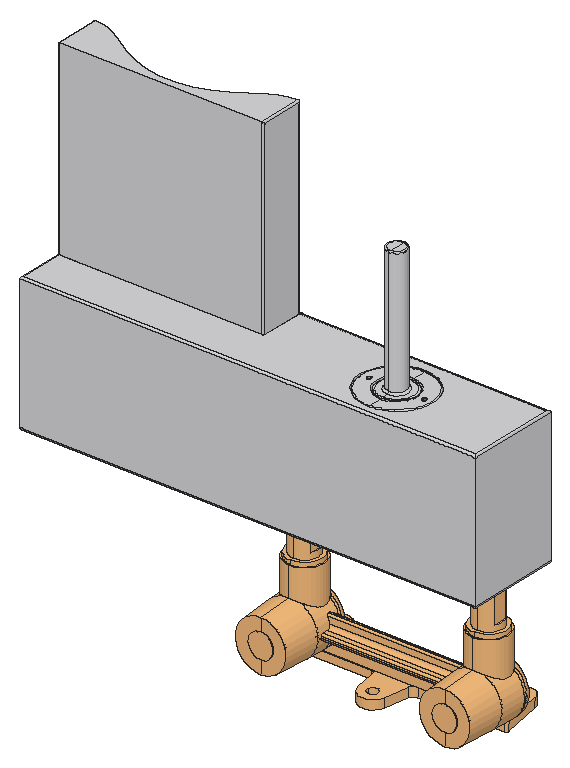
Revit family "Faucet-Wall_Mount-Lavatory-KOHLER-BEITOU-K-99876T", category Plumbing Fixtures, host Face, Revit 2017
Family settings
  Host = Face
  Round Connector Dimension = Use Diameter
  Part Type = Normal
  OmniClass Number = 23.31.11.00
  OmniClass Title = Faucets
  Cut with Voids When Loaded = No
  Shared = No
  Room Calculation Point = No
Parameters (values of type "CP- Polished Chrome")
  Width = 9 11/64"  # constant formula
  WaterSense Certified = 1 = 0  # no
  Waste Water Outlet = "Waste Water Outlet"  # constant formula
  Waste Connection = 1 = 0  # no
  Vent Connection = 1 = 0  # no
  URL = "http://www.kohler.com.cn/"
  Type = 1
  Spout Reach = 0"
  Product Page URL = "https://www.kohler.com.cn/product/K-99876T/K-99876T-4-CP/"
  Product Name = "BEITOU"  # constant formula
  Product Documentation Link = "https://files.kohler.com.cn/pdfs/1535448828194_99876T-4.pdf"
  Pressure = 45.00 psi  # constant formula
  Model = "K-99876T-4-CP"  # constant formula
  Material = "Premium Metal Construction"  # constant formula
  Master Format 2014 Name = "Residential Faucets, Supplies, and Trim"  # constant formula
  Master Format 2014 = "22 41 39"  # constant formula
  Manufacturer Address = "Kohler Beijing Office (100016) 36-2-03-B, No. 88, Liuxiang Road, Beijing"  # constant formula
  Manufacturer = "KOHLER Co."  # constant formula
  Length = 6 147/256"  # constant formula
  Hot Water Inlet = "Hot Water Inlet"  # constant formula
  Height = 1 223/256"  # constant formula
  Handle Clearance = 3 15/16"  # constant formula
  HW Connection = 1 = 1  # yes
  Flow Rate = 2.12 GPM  # constant formula
  Finish = Kohler-Metal-CP-Polished_Chrome
  Faucet Hole Spacing = 0"
  Environmental Product Declaration = ""
  Drain Included = 1 = 1  # yes
  Description = "Manda Single Handle Wall Outlet Basin Faucet"  # constant formula
  Default Elevation = 36"
  Declare Label = ""
  Date Modified = "10/27/2020"  # constant formula
  Date Created = "10/27/2020"  # constant formula
  Copyright = "Copyright KOHLER Co."  # constant formula
  Contact Us = "http://www.kohler.com.cn/contact/contact-us/"
  Cold Water Inlet = "Cold Water Inlet"  # constant formula
  CW Connection = 1 = 1  # yes
  Assembly Code = "D2010"
  ADA Compliant = 1 = 0  # no
Reference planes (in)
  plane 1 "Center (Front/Back)": y = 0
  plane 2: z = 0
  plane 3 "Center (Left/Right)": x = 0
  plane 4: y = -0.90551
  plane 5: x = -6.84904
  plane 6: x = -1.85039
  plane 7: x = 1.85039
  plane 8: y = 0.1378
  plane 9: z = 6.57422
  plane 10: z = 5.31496
  plane 11: z = 2.75591
  plane 12: z = -2.04724
  plane 13: y = 0.96558
  plane 14: z = -2.61809
  plane 15: z = 1.37746
  plane 16: x = 2.32283
Forms (in)
  Extrusion 1, void
    sketch origin (0, 0, 0) x (1, 0, 0) y (0, 0, 1)
      loop
        arc (-2.2509, -1.63022) -> (-2.42845, -2.03715) -> (-2.26547, -2.45013) r 0.57876
        line (-2.26547, -2.45013) -> (-2.26547, -2.61809) -> (2.26643, -2.61809) -> (2.26643, -2.45013)
        arc (2.26643, -2.45013) -> (2.42941, -2.03715) -> (2.25187, -1.63022) r 0.57876
        line (2.25187, -1.63022) -> (2.25187, -0.90549) -> (2.20662, -0.90549) -> (2.20662, 0.41674) -> (-2.20552, 0.41674) -> (-2.20552, -0.90549) -> (-2.2509, -0.90549) -> (-2.2509, -1.63022)
    from -0.9409 to 0.8889
Dimensions and locks (in)
  "Width": plane 5 to plane 16
  "Height": plane 13 to plane 4
  plane 3 "Center (Left/Right)" to plane 16 = 2.32283"
  plane 4 to plane 8 = 1.04331"
  "Length": level to plane 9
  level to plane 12 = 2.04724"  (x2)
  level to plane 14 = 2.61809"  (x2)
  level to plane 10 = 5.31496"
  plane 13 to plane 4 = 1 223/256"
  "Handle Clearance": plane 10 to plane 15
  plane 5 to plane 16 = 9 11/64"
  plane 9 to level = 6 147/256"
  plane 6 to plane 7 = 3.70079"
  plane 16 to plane 3 "Center (Left/Right)" = 2.32283"
  aligned and locked: plane 2 to host face
  aligned and locked: level to host face
  aligned and locked: plane 3 "Center (Left/Right)" to nested 1
Automatic sketch dimensions
  host sketch curve to host sketch curve = 96"  (x2)
  Extrusion 1 sketch curve to plane 14 = 0"
  plane 6 to Extrusion 1 sketch curve = 0.41507"
  plane 6 to Extrusion 1 sketch curve = 0.40051"
  plane 6 to Extrusion 1 sketch curve = 0.35513"
  Extrusion 1 sketch curve to plane 6 = 0.00062"
  Extrusion 1 sketch curve to plane 7 = 0.00034"
  plane 16 to Extrusion 1 sketch curve = 0.11622"
  plane 16 to Extrusion 1 sketch curve = 0.07097"
  plane 16 to Extrusion 1 sketch curve = 0.05641"
  plane 14 to Extrusion 1 sketch curve = 43/256"  (x2)
  plane 12 to Extrusion 1 sketch curve = 0.00018"  (x2)
  Extrusion 1 sketch curve to Extrusion 1 sketch curve = 0.72472"  (x2)
  level to Extrusion 1 sketch curve = 0.41674"
Nested families (in)
  nested 1: "K-99876T" at (0, 0, 0) x (1, 0, 0) z (0, 1, 0), type "K-99876T"
Connectors (in)
  piping at (-1.85039, -1.10568, -2.04724), diameter 0.5, driven by "Flow Rate", driven by "Pressure", driven by "HW Connection", driven by "Hot Water Inlet"
    settings: on nested 1, index 1, connector inside diameter 24", connector length 0", flow factor 0, pipe flow 2.12 GPM, pressure drop 45.00 psi, fitting loss kfactor 0, connector angle 0.00°, fixture units 0, engagement length 0", angle of deflection 0.00°, flow configuration 1, flow direction 1, fitting loss method 4, system type 19, joint type 0, gender type 0, connector reference index -1, connector utility 1, adjustable connector no, is connector primary yes, connector description "Hot Water Inlet"
  piping at (1.85039, -1.10568, -2.04724), diameter 0.5, driven by "Flow Rate", driven by "Pressure", driven by "CW Connection", driven by "Cold Water Inlet"
    settings: on nested 1, index 2, connector inside diameter 24", connector length 0", flow factor 0, pipe flow 2.12 GPM, pressure drop 45.00 psi, fitting loss kfactor 0, connector angle 0.00°, fixture units 0, engagement length 0", angle of deflection 0.00°, flow configuration 1, flow direction 1, fitting loss method 4, system type 20, joint type 0, gender type 0, connector reference index -1, connector utility 1, adjustable connector no, is connector primary no, connector description "Cold Water Inlet"
Definition of nested family "K-99876T"
  Parameters (values of type "K-99876T")
    Material = none
    Default Elevation = 48"
  Reference planes (in)
    plane 1 "Center (Front/Back)": y = 0
    plane 2: z = 0
    plane 3 "Center (Left/Right)": x = 0
    plane 4: y = -6.5748
    plane 5: y = -2.75591
    plane 6: y = -5.31496
    plane 7: y = 2.04724
    plane 8: x = 2.32283
    plane 9: x = -6.85039
    plane 10: x = -1.85039
    plane 11: x = 1.85039
    plane 12: z = -0.90551
    plane 13: z = 0.1378
    plane 14: z = 0
    plane 15: z = 0.96457
    plane 16: y = 2.61809
    plane 17: y = -1.378
  Forms (in)
    Extrusion 1, solid, material <- "Material", detail levels medium+fine
      sketch origin (0, 0, 0) x (1, 0, 0) y (0, 0, 1)
        loop
          line (2.28346, 0.9252) -> (-2.67717, 0.9252) -> (-2.67717, 0.04331) -> (-6.81102, 0.04331) -> (-6.81102, -0.86614) -> (2.28346, -0.86614) -> (2.28346, 0.9252)
      from 0 to 2.75591
    Sweep 2, solid, material <- "Material", detail levels medium+fine
      path origin (0, 0, 0) x (1, 0, 0) y (0, 0, 1)
        loop
          line (-2.67717, 0.9252) -> (-2.67717, 0.04331) -> (-6.81102, 0.04331) -> (-6.81102, -0.86614) -> (2.28346, -0.86614) -> (2.28346, 0.9252) -> (-2.67717, 0.9252)
      profile origin (2.28346, 0, 0.02953) x (0, -1, 0) y (1, 0, 0)
        loop
          arc (0.03934, 0.03937) -> (0.01151, 0.02784) -> (0, 0) r 0.03934
          line (0, 0) -> (2.75591, 0)
          arc (2.75591, 0) -> (2.74441, 0.02784) -> (2.7166, 0.03937) r 0.03931
          line (2.7166, 0.03937) -> (0.03934, 0.03937)
    Extrusion 3, void
      sketch origin (0, 0, 0) x (1, 0, 0) y (0, 0, 1)
        loop
          circle (-0.00248, -0.00053) r 0.73082
      from 2.48031 to 5.68054
    Revolve 4, solid, material <- "Material", detail levels medium+fine
      sketch origin (0, 0, 0) x (0, 1, 0) y (0, 0, 1)
        loop
          line (-5.31496, 0) -> (-2.71654, 0) -> (-2.71654, 0.41367) -> (-2.74219, 0.38801)
          arc (-2.74219, 0.38801) -> (-2.75234, 0.37282) -> (-2.75591, 0.3549) r 0.04683
          line (-2.75591, 0.3549) -> (-2.75591, 0.2276)
          arc (-2.75591, 0.2276) -> (-2.76722, 0.20029) -> (-2.79453, 0.18898) r 0.03862
          line (-2.79453, 0.18898) -> (-5.29469, 0.18898)
          arc (-5.29469, 0.18898) -> (-5.30902, 0.18304) -> (-5.31496, 0.16871) r 0.02027
          line (-5.31496, 0.16871) -> (-5.31496, 0)
        axis (-5.31496, 0) -> (-2.71654, 0)
      angle from 0 to 360
    Revolve 5, solid, material <- "Material", detail levels medium+fine
      sketch origin (0, 0, 0) x (0, 1, 0) y (0, 0, 1)
        loop
          line (-2.6901, 0.43837) -> (-2.6901, 0.72493) -> (-2.73282, 0.72493)
          arc (-2.73282, 0.72493) -> (-2.74914, 0.71816) -> (-2.75591, 0.70184) r 0.02308
          line (-2.75591, 0.70184) -> (-2.75591, 0.40999)
          arc (-2.75591, 0.40999) -> (-2.74634, 0.39566) -> (-2.72944, 0.39902) r 0.0155
          line (-2.72944, 0.39902) -> (-2.6901, 0.43837)
        axis (-2.75591, 0) -> (-2.6901, 0)
      angle from 0 to 360
    Extrusion 6, void
      sketch origin (0, 0, 0) x (1, 0, 0) y (0, 0, 1)
        loop
          circle (-0.55799, -0.00003) r 0.04149
      from 2.48031 to 3.02697
    Extrusion 7, solid, detail levels medium+fine
      sketch origin (0, 0, 0) x (1, 0, 0) y (0, 0, 1)
        loop
          circle (-0.55799, -0.00003) r 0.03989
      from 2.48031 to 2.75591
    Extrusion 8, void
      sketch origin (0, 0, 0) x (-1, 0, 0) y (0, 0, -1)
        loop
          circle (-0.55799, 0.00003) r 0.04149
      from 2.48031 to 3.02697
    Extrusion 9, solid, detail levels medium+fine
      sketch origin (0, 0, 0) x (-1, 0, 0) y (0, 0, -1)
        loop
          circle (-0.55799, 0.00003) r 0.03989
      from 2.48031 to 2.75591
    Extrusion 10, solid, material <- "Material", detail levels medium+fine
      sketch origin (0, 0, 0) x (0, 1, 0) y (0, 0, 1)
        loop
          line (-0.03937, 0.9252) -> (-6.53543, 0.9252) -> (-6.53543, 0.08268) -> (-0.03937, 0.08268) -> (-0.03937, 0.9252)
      from -6.85039 to -2.71654
    Sweep 11, solid, material <- "Material", detail levels medium+fine
      path origin (0, 0, 0) x (0, 1, 0) y (0, 0, 1)
        loop
          line (-6.53543, 0.9252) -> (-6.53543, 0.08268) -> (-0.03937, 0.08268) -> (-0.03937, 0.9252) -> (-6.53543, 0.9252)
      profile origin (0, -6.53543, 0.08268) x (0, -1, 0) y (1, 0, 0)
        loop
          line (0, -2.71654) -> (0, -6.85039)
          arc (0, -6.85039) -> (0.02784, -6.83887) -> (0.03937, -6.81103) r 0.03937
          line (0.03937, -6.81103) -> (0.03937, -2.75606)
          arc (0.03937, -2.75606) -> (0.02785, -2.72817) -> (0, -2.71654) r 0.03952
    Extrusion 12, void
      sketch origin (0, 0.01285, 0.0689) x (1, 0, 0) y (0, -0.017452, 0.999848)
        loop
          arc (-5.25292, 0.28987) -> (-4.78127, 0.23404) -> (-4.30962, 0.28987) r 2.02006
          arc (-4.30962, 0.28987) -> (-4.02272, 0.38385) -> (-3.75471, 0.52283) r 1.86779
          arc (-3.75471, 0.52283) -> (-3.4982, 0.68437) -> (-3.24259, 0.84733) r 54.96959
          arc (-3.24259, 0.84733) -> (-2.97394, 0.96657) -> (-2.68188, 0.99959) r 0.96696
          line (-2.68188, 0.99959) -> (-2.68188, 1.39329) -> (-6.90568, 1.39329) -> (-6.90568, 1.00077)
          arc (-6.90568, 1.00077) -> (-6.65772, 0.98084) -> (-6.42323, 0.8978) r 0.95881
          arc (-6.42323, 0.8978) -> (-6.30889, 0.83569) -> (-6.19808, 0.76747) r 2.39798
          arc (-6.19808, 0.76747) -> (-6.01254, 0.64759) -> (-5.82571, 0.52972) r 20.51443
          arc (-5.82571, 0.52972) -> (-5.54898, 0.3867) -> (-5.25292, 0.28987) r 1.93805
      from 0.86609 to 7.01633
    Extrusion 13, solid, material <- "Material", detail levels medium+fine
      sketch origin (0, 0, 0) x (1, 0, 0) y (0, 1, 0)
        loop
          line (-5.96457, -0.03937) -> (-5.96457, -1.04175)
          arc (-5.96457, -1.04175) -> (-5.80844, -1.41867) -> (-5.43151, -1.5748) r 0.53306
          line (-5.43151, -1.5748) -> (-4.14821, -1.5748)
          arc (-4.14821, -1.5748) -> (-3.76224, -1.41493) -> (-3.60236, -1.02895) r 0.54585
          line (-3.60236, -1.02895) -> (-3.60236, -0.03937) -> (-5.96457, -0.03937)
      from 0.83465 to 0.96457
    Extrusion 14, solid, material <- "Material", detail levels medium+fine
      sketch origin (0, 0, 0) x (1, 0, 0) y (0, 1, 0)
        loop
          arc (-5.19122, -1.45089) -> (-4.7767, -1.48122) -> (-4.36219, -1.45089) r 2.84822
          arc (-4.36219, -1.45089) -> (-3.94379, -1.30922) -> (-3.60236, -1.02895) r 1.23079
          line (-3.60236, -1.02895) -> (-3.60236, -0.86609) -> (-5.96457, -0.86609) -> (-5.96457, -1.04175)
          arc (-5.96457, -1.04175) -> (-5.61307, -1.31281) -> (-5.19122, -1.45089) r 1.30965
      from 0.16142 to 0.83465
    Extrusion 15, void
      sketch origin (0, 0, 0) x (1, 0, 0) y (0, 0, 1)
        loop
          line (-3.95671, 0.12472) -> (-3.95671, 0.41143)
          arc (-3.95671, 0.41143) -> (-3.94594, 0.42365) -> (-3.93588, 0.43647) r 0.28548
          line (-3.93588, 0.43647) -> (-4.06299, 0.43647) -> (-4.06299, 0.16221) -> (-4.09449, 0.16221) -> (-4.09449, 0.43647) -> (-4.24016, 0.43647) -> (-4.24016, 0.181) -> (-4.27165, 0.181) -> (-4.27165, 0.43647) -> (-4.41732, 0.43647) -> (-4.41732, 0.16221) -> (-4.44882, 0.16221) -> (-4.44882, 0.43647) -> (-4.59449, 0.43647) -> (-4.59449, 0.13871) -> (-4.62598, 0.13871) -> (-4.62598, 0.43647) -> (-4.77165, 0.43647) -> (-4.77165, 0.13871) -> (-4.80315, 0.13871) -> (-4.80315, 0.43647) -> (-4.94882, 0.43647) -> (-4.94882, 0.13871) -> (-4.98031, 0.13871) -> (-4.98031, 0.43647) -> (-5.12598, 0.43647) -> (-5.12598, 0.16221) -> (-5.15748, 0.16221) -> (-5.15748, 0.43647) -> (-5.30315, 0.43647) -> (-5.30315, 0.16221) -> (-5.33465, 0.16221) -> (-5.33465, 0.43647) -> (-5.50196, 0.43647) -> (-5.50196, 0.16221) -> (-5.53346, 0.16221) -> (-5.53346, 0.43647) -> (-5.62003, 0.43647)
          arc (-5.62003, 0.43647) -> (-5.61398, 0.41419) -> (-5.61194, 0.3912) r 0.1307
          line (-5.61194, 0.3912) -> (-5.61194, 0.12472) -> (-3.95671, 0.12472)
        loop
          line (-5.50196, 0.68351) -> (-5.50196, 0.58123) -> (-5.33465, 0.58123) -> (-5.33465, 0.70427)
          arc (-5.33465, 0.70427) -> (-5.41835, 0.69428) -> (-5.50196, 0.68351) r 9.03524
        loop
          line (-5.30315, 0.70783) -> (-5.30315, 0.58123) -> (-5.15748, 0.58123) -> (-5.15748, 0.72281)
          arc (-5.15748, 0.72281) -> (-5.23035, 0.71562) -> (-5.30315, 0.70783) r 9.03524
        loop
          arc (-5.61715, 0.66263) -> (-5.6312, 0.65331) -> (-5.6378, 0.6378) r 0.02935
          arc (-5.6378, 0.6378) -> (-5.64015, 0.60956) -> (-5.64093, 0.58123) r 0.51189
          line (-5.64093, 0.58123) -> (-5.53346, 0.58123) -> (-5.53346, 0.67866)
          arc (-5.53346, 0.67866) -> (-5.57573, 0.67286) -> (-5.61715, 0.66263) r 0.40432
        loop
          arc (-3.96381, 0.67618) -> (-4.01338, 0.68296) -> (-4.06299, 0.68947) r 9.03524
          line (-4.06299, 0.68947) -> (-4.06299, 0.58123) -> (-3.881, 0.58123)
          arc (-3.881, 0.58123) -> (-3.87992, 0.60953) -> (-3.88165, 0.6378) r 0.28548
          arc (-3.88165, 0.6378) -> (-3.88825, 0.65331) -> (-3.90229, 0.66263) r 0.02935
          arc (-3.90229, 0.66263) -> (-3.93279, 0.67061) -> (-3.96381, 0.67618) r 0.40432
        loop
          line (-5.12598, 0.72554) -> (-5.12598, 0.58123) -> (-4.98031, 0.58123) -> (-4.98031, 0.73537)
          arc (-4.98031, 0.73537) -> (-5.05319, 0.73107) -> (-5.12598, 0.72554) r 4.36044
        loop
          line (-4.94882, 0.73685) -> (-4.94882, 0.58123) -> (-4.80315, 0.58123) -> (-4.80315, 0.74074)
          arc (-4.80315, 0.74074) -> (-4.876, 0.7394) -> (-4.94882, 0.73685) r 4.36044
        loop
          line (-4.77165, 0.74094) -> (-4.77165, 0.58123) -> (-4.62598, 0.58123) -> (-4.62598, 0.7389)
          arc (-4.62598, 0.7389) -> (-4.69881, 0.74053) -> (-4.77165, 0.74094) r 4.36044
        loop
          line (-4.59449, 0.73782) -> (-4.59449, 0.58123) -> (-4.44882, 0.58123) -> (-4.44882, 0.72985)
          arc (-4.44882, 0.72985) -> (-4.52162, 0.73445) -> (-4.59449, 0.73782) r 4.36044
        loop
          line (-4.41732, 0.72749) -> (-4.41732, 0.58123) -> (-4.27165, 0.58123) -> (-4.27165, 0.7138)
          arc (-4.27165, 0.7138) -> (-4.30397, 0.71713) -> (-4.3363, 0.72035) r 9.03524
          arc (-4.3363, 0.72035) -> (-4.37679, 0.72411) -> (-4.41732, 0.72749) r 4.36044
        loop
          line (-4.24016, 0.71045) -> (-4.24016, 0.58123) -> (-4.09449, 0.58123) -> (-4.09449, 0.69346)
          arc (-4.09449, 0.69346) -> (-4.16729, 0.70225) -> (-4.24016, 0.71045) r 9.03524
        loop
          arc (-5.64026, 0.55507) -> (-5.63547, 0.50668) -> (-5.62611, 0.45896) r 0.51189
          line (-5.62611, 0.45896) -> (-5.53346, 0.45896) -> (-5.53346, 0.55507) -> (-5.64026, 0.55507)
        loop
          line (-5.50196, 0.55507) -> (-5.50196, 0.45896) -> (-5.33465, 0.45896) -> (-5.33465, 0.55507) -> (-5.50196, 0.55507)
        loop
          line (-5.30315, 0.45896) -> (-5.15748, 0.45896) -> (-5.15748, 0.55507) -> (-5.30315, 0.55507) -> (-5.30315, 0.45896)
        loop
          line (-5.12598, 0.55507) -> (-5.12598, 0.45896) -> (-4.98031, 0.45896) -> (-4.98031, 0.55507) -> (-5.12598, 0.55507)
        loop
          line (-4.94882, 0.55507) -> (-4.94882, 0.45896) -> (-4.80315, 0.45896) -> (-4.80315, 0.55507) -> (-4.94882, 0.55507)
        loop
          line (-4.77165, 0.55507) -> (-4.77165, 0.45896) -> (-4.62598, 0.45896) -> (-4.62598, 0.55507) -> (-4.77165, 0.55507)
        loop
          line (-4.59449, 0.55507) -> (-4.59449, 0.45896) -> (-4.44882, 0.45896) -> (-4.44882, 0.55507) -> (-4.59449, 0.55507)
        loop
          line (-4.41732, 0.55507) -> (-4.41732, 0.45896) -> (-4.27165, 0.45896) -> (-4.27165, 0.55507) -> (-4.41732, 0.55507)
        loop
          line (-4.24016, 0.55507) -> (-4.24016, 0.45896) -> (-4.09449, 0.45896) -> (-4.09449, 0.55507) -> (-4.24016, 0.55507)
        loop
          line (-4.06299, 0.45896) -> (-3.92083, 0.45896)
          arc (-3.92083, 0.45896) -> (-3.89832, 0.50537) -> (-3.88453, 0.55507) r 0.28548
          line (-3.88453, 0.55507) -> (-4.06299, 0.55507) -> (-4.06299, 0.45896)
      from 0.6043 to 1.91537
    Revolve 16, solid, detail levels medium+fine
      sketch origin (1.85094, 0, -0.0018) x (0, 1, 0) y (0, 0, 1)
        loop
          line (-0.1575, 0.00181) -> (2.10672, 0.00181) -> (2.10672, 0.39567) -> (0.90549, 0.39567) -> (0.90549, 0.35748) -> (0.82675, 0.35748) -> (0.82675, 0.27743) -> (-0.1575, 0.27743) -> (-0.1575, 0.00181)
        axis (2.10672, 0.00181) -> (-0.1575, 0.00181)
      angle from 0 to 360
    Revolve 17, solid, detail levels medium+fine
      sketch origin (-1.84984, 0, -0.0018) x (0, 1, 0) y (0, 0, 1)
        loop
          line (-0.1575, 0.00181) -> (2.10672, 0.00181) -> (2.10672, 0.39567) -> (0.90549, 0.39567) -> (0.90549, 0.35748) -> (0.82675, 0.35748) -> (0.82675, 0.27743) -> (-0.1575, 0.27743) -> (-0.1575, 0.00181)
        axis (2.10672, 0.00181) -> (-0.1575, 0.00181)
      angle from 0 to 360
    Revolve 18, solid, detail levels medium+fine
      sketch origin (1.8504, 0, -0.0018) x (0, 1, 0) y (0, 0, 1)
        loop
          line (2.56133, -1.10388) -> (2.60034, -0.35948)
          arc (2.60034, -0.35948) -> (2.61111, -0.08552) -> (2.6147, 0.18864) r 10.47311
          line (2.6147, 0.18864) -> (2.6147, 0.24013)
          arc (2.6147, 0.24013) -> (2.56837, 0.35197) -> (2.45652, 0.3983) r 0.15817
          line (2.45652, 0.3983) -> (2.04743, 0.3983) -> (2.04743, -1.10388) -> (2.56133, -1.10388)
        axis (2.04743, 0.3983) -> (2.04743, -1.10388)
      angle from 0 to 360
    Revolve 19, solid, detail levels medium+fine
      sketch origin (-1.84978, 0, -0.0018) x (0, 1, 0) y (0, 0, 1)
        loop
          line (2.56133, -1.10388) -> (2.60034, -0.35948)
          arc (2.60034, -0.35948) -> (2.61111, -0.08552) -> (2.6147, 0.18864) r 10.47311
          line (2.6147, 0.18864) -> (2.6147, 0.24013)
          arc (2.6147, 0.24013) -> (2.56837, 0.35197) -> (2.45652, 0.3983) r 0.15817
          line (2.45652, 0.3983) -> (2.04743, 0.3983) -> (2.04743, -1.10388) -> (2.56133, -1.10388)
        axis (2.04743, 0.3983) -> (2.04743, -1.10388)
      angle from 0 to 360
    Extrusion 20, solid, detail levels medium+fine
      sketch origin (0, 0, -0.0018) x (0, 1, 0) y (0, 0, 1)
        loop
          line (1.98817, 0.25836) -> (1.98817, 0.13835)
          arc (1.98817, 0.13835) -> (1.96526, 0.08303) -> (1.90994, 0.06011) r 0.07823
          line (1.90994, 0.06011) -> (1.79187, 0.06011)
          arc (1.79187, 0.06011) -> (1.76364, 0.04842) -> (1.75195, 0.02019) r 0.03992
          line (1.75195, 0.02019) -> (1.75195, -0.01877)
          arc (1.75195, -0.01877) -> (1.7636, -0.04689) -> (1.79172, -0.05853) r 0.03977
          line (1.79172, -0.05853) -> (1.91122, -0.05853)
          arc (1.91122, -0.05853) -> (1.96563, -0.08107) -> (1.98817, -0.13549) r 0.07695
          line (1.98817, -0.13549) -> (1.98817, -0.25378)
          arc (1.98817, -0.25378) -> (2.0002, -0.28283) -> (2.02925, -0.29486) r 0.04109
          line (2.02925, -0.29486) -> (2.06537, -0.29486)
          arc (2.06537, -0.29486) -> (2.0943, -0.28288) -> (2.10628, -0.25396) r 0.04091
          line (2.10628, -0.25396) -> (2.10628, -0.13525)
          arc (2.10628, -0.13525) -> (2.12875, -0.081) -> (2.183, -0.05853) r 0.07672
          line (2.183, -0.05853) -> (2.44093, -0.05853) -> (2.44093, 0.05247) -> (2.18266, 0.05247)
          arc (2.18266, 0.05247) -> (2.12865, 0.07484) -> (2.10628, 0.12884) r 0.07638
          line (2.10628, 0.12884) -> (2.10628, 0.25672)
          arc (2.10628, 0.25672) -> (2.09463, 0.28485) -> (2.0665, 0.2965) r 0.03978
          line (2.0665, 0.2965) -> (2.02632, 0.2965)
          arc (2.02632, 0.2965) -> (1.99934, 0.28533) -> (1.98817, 0.25836) r 0.03815
      from -1.86637 to 1.86011
    Extrusion 21, solid, detail levels medium+fine
      sketch origin (0, 0, -0.0018) x (1, 0, 0) y (0, 0, 1)
        loop
          line (2.26569, -0.00255) -> (2.11926, 0.83265)
          arc (2.11926, 0.83265) -> (1.85197, 1.05737) -> (1.58426, 0.83318) r 0.27163
          line (1.58426, 0.83318) -> (1.46591, 0.16583)
          arc (1.46591, 0.16583) -> (1.41891, 0.08456) -> (1.33068, 0.05247) r 0.13735
          line (1.33068, 0.05247) -> (-1.33899, 0.05247)
          arc (-1.33899, 0.05247) -> (-1.4213, 0.0824) -> (-1.46515, 0.15823) r 0.12813
          line (-1.46515, 0.15823) -> (-1.58484, 0.83318)
          arc (-1.58484, 0.83318) -> (-1.85256, 1.05737) -> (-2.11984, 0.83265) r 0.27163
          line (-2.11984, 0.83265) -> (-2.26547, 0.00203)
          arc (-2.26547, 0.00203) -> (-2.25377, -0.04149) -> (-2.21293, -0.06052) r 0.05334
          line (-2.21293, -0.06052) -> (-0.46581, -0.06052)
          arc (-0.46581, -0.06052) -> (-0.39149, -0.08759) -> (-0.35199, -0.15612) r 0.11556
          line (-0.35199, -0.15612) -> (-0.26762, -0.63737)
          arc (-0.26762, -0.63737) -> (-0.00029, -0.86213) -> (0.26747, -0.63789) r 0.27167
          line (0.26747, -0.63789) -> (0.35245, -0.15868)
          arc (0.35245, -0.15868) -> (0.39315, -0.08831) -> (0.46955, -0.06052) r 0.11893
          line (0.46955, -0.06052) -> (2.217, -0.06052)
          arc (2.217, -0.06052) -> (2.25485, -0.04288) -> (2.26569, -0.00255) r 0.04943
        loop
          circle (1.85171, 0.78575) r 0.10895
        loop
          circle (-0.00003, -0.59046) r 0.10813
        loop
          circle (-1.8523, 0.78575) r 0.11072
      from -2.61809 to -2.44093
    Extrusion 22, void
      sketch origin (0, 0, -0.0018) x (1, 0, 0) y (0, 1, 0)
        loop
          line (-1.61427, 0.1188) -> (-1.49936, 0.1188) -> (-1.49936, 0.70935) -> (-1.61427, 0.70935) -> (-1.61427, 0.1188)
      from -0.76036 to 0.83465
    Extrusion 23, void
      sketch origin (-3.69969, 0, -0.0018) x (-1, 0, 0) y (0, -1, 0)
        loop
          line (-1.61427, -0.1188) -> (-1.61427, -0.70935) -> (-1.49936, -0.70935) -> (-1.49936, -0.1188) -> (-1.61427, -0.1188)
      from -0.76036 to 0.83465
    Extrusion 24, void
      sketch origin (0.00106, 0, -0.0018) x (-1, 0, 0) y (0, -1, 0)
        loop
          line (-1.61427, -0.1188) -> (-1.61427, -0.70935) -> (-1.49936, -0.70935) -> (-1.49936, -0.1188) -> (-1.61427, -0.1188)
      from -0.76036 to 0.83465
    Extrusion 25, void
      sketch origin (3.70075, 0, -0.0018) x (1, 0, 0) y (0, 1, 0)
        loop
          line (-1.61427, 0.1188) -> (-1.49936, 0.1188) -> (-1.49936, 0.70935) -> (-1.61427, 0.70935) -> (-1.61427, 0.1188)
      from -0.76036 to 0.83465
    Extrusion 26, solid, material <- "Material", detail levels coarse
      sketch origin (0, 0, 0) x (0, 1, 0) y (0, 0, 1)
        loop
          line (0, 0.96457) -> (-2.75591, 0.96457) -> (-2.75591, -0.90551) -> (0, -0.90551) -> (0, 0.96457)
      from -6.85039 to 2.32283
    Extrusion 27, solid, material <- "Material", detail levels coarse
      sketch origin (0, 0, 0) x (1, 0, 0) y (0, 0, 1)
        loop
          line (-6.85039, 0.04331) -> (-2.71654, 0.04331) -> (-2.71654, 0.96457) -> (-6.85039, 0.96457) -> (-6.85039, 0.04331)
      from 0 to 6.5748
    Extrusion 28, solid, material <- "Material", detail levels coarse
      sketch origin (0, 0, 0) x (1, 0, 0) y (0, 0, 1)
        loop
          circle (-0.00248, -0.00053) r 0.19685
      from 1.89981 to 5.31522
    Revolve 29, solid, detail levels coarse
      sketch origin (1.85094, 0, 0) x (0, 1, 0) y (0, 0, 1)
        loop
          line (-0.1575, 0) -> (2.10672, 0) -> (2.10672, 0.39387) -> (0.82675, 0.39387) -> (0.82675, 0.27563) -> (-0.1575, 0.27563) -> (-0.1575, 0)
        axis (2.10672, 0) -> (-0.1575, 0)
      angle from 0 to 360
    Revolve 30, solid, detail levels coarse
      sketch origin (-1.84984, 0, 0) x (0, 1, 0) y (0, 0, 1)
        loop
          line (-0.1575, 0) -> (2.10672, 0) -> (2.10672, 0.39387) -> (0.82675, 0.39387) -> (0.82675, 0.27563) -> (-0.1575, 0.27563) -> (-0.1575, 0)
        axis (2.10672, 0) -> (-0.1575, 0)
      angle from 0 to 360
    Revolve 31, solid, detail levels coarse
      sketch origin (-1.83968, 0, 0) x (0, 1, 0) y (0, 0, 1)
        loop
          line (2.56133, -1.10568) -> (2.60893, -0.19735)
          arc (2.60893, -0.19735) -> (2.61326, -0.08737) -> (2.6147, 0.02268) r 4.20423
          line (2.6147, 0.02268) -> (2.6147, 0.3965) -> (2.04743, 0.3965) -> (2.04743, -1.10568) -> (2.56133, -1.10568)
        axis (2.04743, 0.3965) -> (2.04743, -1.10568)
      angle from 0 to 360
    Revolve 32, solid, detail levels coarse
      sketch origin (1.85126, 0, 0) x (0, 1, 0) y (0, 0, 1)
        loop
          line (2.56133, -1.10568) -> (2.60893, -0.19735)
          arc (2.60893, -0.19735) -> (2.61326, -0.08737) -> (2.6147, 0.02268) r 4.20423
          line (2.6147, 0.02268) -> (2.6147, 0.3965) -> (2.04743, 0.3965) -> (2.04743, -1.10568) -> (2.56133, -1.10568)
        axis (2.04743, 0.3965) -> (2.04743, -1.10568)
      angle from 0 to 360
    Extrusion 33, solid, detail levels coarse
      sketch origin (0, 0, 0) x (1, 0, 0) y (0, 0, 1)
        loop
          line (2.27585, -0.06232) -> (2.08526, 1.02475) -> (1.61855, 1.02475) -> (1.44581, 0.05066) -> (-1.4464, 0.05066) -> (-1.61913, 1.02475) -> (-2.08585, 1.02475) -> (-2.27643, -0.06232) -> (-0.36875, -0.06232) -> (-0.23354, -0.83352) -> (0.2331, -0.83352) -> (0.36986, -0.06232) -> (2.27585, -0.06232)
        loop
          circle (1.85171, 0.78395) r 0.10895
        loop
          circle (-0.00003, -0.59226) r 0.10813
        loop
          circle (-1.8523, 0.78395) r 0.11072
      from -2.61809 to -2.44093
    Extrusion 34, solid, detail levels coarse
      sketch origin (0, 0, 0) x (0, 1, 0) y (0, 0, 1)
        loop
          line (1.98817, 0.2947) -> (1.98817, 0.05831) -> (1.75195, 0.05831) -> (1.75195, -0.06034) -> (1.98817, -0.06034) -> (1.98817, -0.29667) -> (2.10628, -0.29667) -> (2.10628, -0.06034) -> (2.44093, -0.06034) -> (2.44093, 0.05066) -> (2.10628, 0.05066) -> (2.10628, 0.2947) -> (1.98817, 0.2947)
      from -1.70278 to 2.08648
    Extrusion 35, solid, detail levels medium+fine
      sketch origin (0, 0, 0) x (1, 0, 0) y (0, 1, 0)
        loop
          circle (-1.85039, 2.04724) r 0.25
        loop
          circle (1.85039, 2.04724) r 0.25
      from -1.10568 to -0.97868
  Cuts and joins
    Extrusion 3, Extrusion 6, Extrusion 8, Extrusion 12 cuts Extrusion 1
    Extrusion 3, Extrusion 6, Extrusion 8 cuts Sweep 2
    joined: Extrusion 1, Sweep 2
    Extrusion 6, Extrusion 8 cuts Revolve 5
    Extrusion 12 cuts Extrusion 10
    Extrusion 12 cuts Sweep 11
    joined: Extrusion 10, Sweep 11, Extrusion 13
    Extrusion 15 cuts Extrusion 14
    Extrusion 22, Extrusion 23 cuts Revolve 17
    Extrusion 24, Extrusion 25 cuts Revolve 16
    Extrusion 12 cuts Extrusion 26
    Extrusion 12 cuts Extrusion 27
    joined: Extrusion 26, Extrusion 27, Extrusion 28
    joined: Extrusion 33, Extrusion 34
  Lines and regions (in)
    Masking region 1
      outline origin (0, 0, 0) x (0, 1, 0) y (0, 0, 1)
        loop
          line (2.59574, 1.05557) -> (2.46337, 1.05557)
          arc (2.46337, 1.05557) -> (2.4475, 1.049) -> (2.44093, 1.03313) r 0.02244
          line (2.44093, 1.03313) -> (2.44093, 0.48473)
          arc (2.44093, 0.48473) -> (2.41511, 0.42239) -> (2.35277, 0.39657) r 0.08816
          line (2.35277, 0.39657) -> (0.90549, 0.39657) -> (0.90549, 0.35568) -> (0.82675, 0.35568) -> (0.82675, 0.27563) -> (0, 0.27563) -> (0, -0.27563) -> (0.82675, -0.27563) -> (0.82675, -0.35568) -> (0.90549, -0.35568) -> (0.90549, -0.39387) -> (1.30941, -0.39387)
          arc (1.30941, -0.39387) -> (1.44491, -0.44793) -> (1.50599, -0.58041) r 0.19685
          line (1.50599, -0.58041) -> (1.53352, -1.10568) -> (2.56133, -1.10568) -> (2.574, -0.86393) -> (2.61809, -0.86393) -> (2.61809, 1.03322)
          arc (2.61809, 1.03322) -> (2.61154, 1.04902) -> (2.59574, 1.05557) r 0.02235
    Masking region 2
      outline origin (0, 0, 0) x (0, 1, 0) y (0, 0, 1)
        loop
          line (-0.0374, 0.96457) -> (-6.5374, 0.96457)
          arc (-6.5374, 0.96457) -> (-6.56385, 0.95361) -> (-6.5748, 0.92717) r 0.0374
          line (-6.5748, 0.92717) -> (-6.5748, 0.08071)
          arc (-6.5748, 0.08071) -> (-6.56385, 0.05426) -> (-6.5374, 0.04331) r 0.0374
          line (-6.5374, 0.04331) -> (-5.31496, 0.04331) -> (-5.31496, -0.16893)
          arc (-5.31496, -0.16893) -> (-5.3091, -0.18307) -> (-5.29496, -0.18892) r 0.02
          line (-5.29496, -0.18892) -> (-2.79366, -0.18892)
          arc (-2.79366, -0.18892) -> (-2.76696, -0.19998) -> (-2.75591, -0.22668) r 0.03775
          line (-2.75591, -0.22668) -> (-2.75591, -0.86809)
          arc (-2.75591, -0.86809) -> (-2.74495, -0.89455) -> (-2.71849, -0.90551) r 0.03742
          line (-2.71849, -0.90551) -> (-0.03723, -0.90551)
          arc (-0.03723, -0.90551) -> (-0.0109, -0.89461) -> (0, -0.86829) r 0.03723
          line (0, -0.86829) -> (0, 0.92717)
          arc (0, 0.92717) -> (-0.01095, 0.95361) -> (-0.0374, 0.96457) r 0.0374
    Masking region 3
      outline origin (0, 0, 0) x (1, 0, 0) y (0, 0, 1)
        loop
          arc (-2.71654, 0.92504) -> (-2.72811, 0.95299) -> (-2.75606, 0.96457) r 0.03952
          line (-2.75606, 0.96457) -> (-3.57874, 0.96457)
          arc (-3.57874, 0.96457) -> (-3.59544, 0.95765) -> (-3.60236, 0.94094) r 0.02362
          arc (-3.60236, 0.94094) -> (-3.60928, 0.95765) -> (-3.62598, 0.96457) r 0.02362
          line (-3.62598, 0.96457) -> (-5.94094, 0.96457)
          arc (-5.94094, 0.96457) -> (-5.95765, 0.95765) -> (-5.96457, 0.94094) r 0.02362
          arc (-5.96457, 0.94094) -> (-5.97149, 0.95765) -> (-5.98819, 0.96457) r 0.02362
          line (-5.98819, 0.96457) -> (-6.81299, 0.96457)
          arc (-6.81299, 0.96457) -> (-6.83944, 0.95361) -> (-6.85039, 0.92717) r 0.0374
          line (-6.85039, 0.92717) -> (-6.85039, -0.86811)
          arc (-6.85039, -0.86811) -> (-6.83944, -0.89456) -> (-6.81299, -0.90551) r 0.0374
          line (-6.81299, -0.90551) -> (2.28543, -0.90551)
          arc (2.28543, -0.90551) -> (2.31188, -0.89456) -> (2.32283, -0.86811) r 0.0374
          line (2.32283, -0.86811) -> (2.32283, 0.92717)
          arc (2.32283, 0.92717) -> (2.31188, 0.95361) -> (2.28543, 0.96457) r 0.0374
          line (2.28543, 0.96457) -> (-2.67913, 0.96457)
          arc (-2.67913, 0.96457) -> (-2.70558, 0.95361) -> (-2.71654, 0.92717) r 0.0374
    Masking region 4, detail levels medium+fine
      outline origin (0, 0, 0) x (1, 0, 0) y (0, 1, 0)
        loop
          arc (-2.24281, 2.61809) -> (-2.2594, 2.61122) -> (-2.26627, 2.59463) r 0.02346
          line (-2.26627, 2.59463) -> (-2.26627, 2.47266)
          arc (-2.26627, 2.47266) -> (-2.26337, 2.45749) -> (-2.25508, 2.44446) r 0.04113
          arc (-2.25508, 2.44446) -> (-2.41708, 2.06787) -> (-2.28288, 1.68049) r 0.56706
          arc (-2.28288, 1.68049) -> (-2.25381, 1.63059) -> (-2.24371, 1.57373) r 0.16508
          line (-2.24371, 1.57373) -> (-2.24371, 0.90549) -> (-2.20552, 0.90549) -> (-2.20552, 0.82675) -> (-2.12547, 0.82675) -> (-2.12547, 0.70935) -> (-2.08542, 0.70935) -> (-2.08542, 0.1188) -> (-2.12547, 0.1188) -> (-2.12547, 0) -> (-1.57532, 0) -> (-1.57532, 0.1188) -> (-1.61537, 0.1188) -> (-1.61537, 0.70935) -> (-1.57532, 0.70935) -> (-1.57532, 0.82675) -> (-1.49527, 0.82675) -> (-1.49527, 0.90549) -> (-1.45708, 0.90549) -> (-1.45708, 1.58056)
          arc (-1.45708, 1.58056) -> (-1.44787, 1.6317) -> (-1.42139, 1.67642) r 0.14659
          arc (-1.42139, 1.67642) -> (-1.39228, 1.71305) -> (-1.36628, 1.75196) r 0.56706
          line (-1.36628, 1.75196) -> (1.36628, 1.75196)
          arc (1.36628, 1.75196) -> (1.39228, 1.71305) -> (1.42139, 1.67642) r 0.56706
          arc (1.42139, 1.67642) -> (1.44787, 1.6317) -> (1.45708, 1.58056) r 0.14659
          line (1.45708, 1.58056) -> (1.45708, 0.90549) -> (1.49527, 0.90549) -> (1.49527, 0.82675) -> (1.57532, 0.82675) -> (1.57532, 0.70935) -> (1.61537, 0.70935) -> (1.61537, 0.1188) -> (1.57532, 0.1188) -> (1.57532, 0) -> (2.12547, 0) -> (2.12547, 0.1188) -> (2.08542, 0.1188) -> (2.08542, 0.70935) -> (2.12547, 0.70935) -> (2.12547, 0.82675) -> (2.20552, 0.82675) -> (2.20552, 0.90549) -> (2.24371, 0.90549) -> (2.24371, 1.57373)
          arc (2.24371, 1.57373) -> (2.25381, 1.63059) -> (2.28288, 1.68049) r 0.16508
          arc (2.28288, 1.68049) -> (2.41708, 2.06787) -> (2.25508, 2.44446) r 0.56706
          arc (2.25508, 2.44446) -> (2.26337, 2.45749) -> (2.26643, 2.47266) r 0.04113
          line (2.26643, 2.47266) -> (2.26643, 2.59447)
          arc (2.26643, 2.59447) -> (2.25951, 2.61117) -> (2.24281, 2.61809) r 0.02362
          line (2.24281, 2.61809) -> (-2.24281, 2.61809)
    Masking region 5
      outline origin (0, 0, 0) x (1, 0, 0) y (0, 1, 0)
        loop
          line (-6.85039, -0.0374) -> (-6.85039, -6.5374)
          arc (-6.85039, -6.5374) -> (-6.83944, -6.56385) -> (-6.81299, -6.5748) r 0.0374
          line (-6.81299, -6.5748) -> (-2.75394, -6.5748)
          arc (-2.75394, -6.5748) -> (-2.72749, -6.56385) -> (-2.71654, -6.5374) r 0.0374
          line (-2.71654, -6.5374) -> (-2.71654, -2.79331)
          arc (-2.71654, -2.79331) -> (-2.70558, -2.76686) -> (-2.67913, -2.75591) r 0.0374
          line (-2.67913, -2.75591) -> (-0.22708, -2.75591)
          arc (-0.22708, -2.75591) -> (-0.20014, -2.76706) -> (-0.18898, -2.79401) r 0.0381
          line (-0.18898, -2.79401) -> (-0.18898, -5.29506)
          arc (-0.18898, -5.29506) -> (-0.18315, -5.30913) -> (-0.16908, -5.31496) r 0.0199
          line (-0.16908, -5.31496) -> (0.16903, -5.31496)
          arc (0.16903, -5.31496) -> (0.18314, -5.30912) -> (0.18898, -5.29501) r 0.01995
          line (0.18898, -5.29501) -> (0.18898, -2.79478)
          arc (0.18898, -2.79478) -> (0.20037, -2.76729) -> (0.22786, -2.75591) r 0.03888
          line (0.22786, -2.75591) -> (2.28543, -2.75591)
          arc (2.28543, -2.75591) -> (2.31188, -2.74495) -> (2.32283, -2.7185) r 0.0374
          line (2.32283, -2.7185) -> (2.32283, -0.0375)
          arc (2.32283, -0.0375) -> (2.31185, -0.01098) -> (2.28533, 0) r 0.0375
          line (2.28533, 0) -> (-6.81299, 0)
          arc (-6.81299, 0) -> (-6.83944, -0.01095) -> (-6.85039, -0.0374) r 0.0374
    symbolic lines, detail levels medium+fine
      curve 1: line (0, 0.82675, 0.27563) -> (0, 0.82675, -0.27562)
      curve 2: line (0, 0.90549, 0.35568) -> (0, 0.90549, -0.35567)
      curve 3: line (0, 0.70935, -0.14302) -> (0, 0.70935, 0.14309)
      curve 4: line (0, 0.70935, 0.14309) -> (0, 0.1188, 0.14309)
      curve 5: line (0, 0.1188, 0.14309) -> (0, 0.1188, -0.14302)
      curve 6: line (0, 0.1188, -0.14302) -> (0, 0.70935, -0.14302)
      curve 7: line (0, 2.574, -0.86393) -> (0, 2.61863, -0.05258)
      curve 8: arc (0, 1.30941, -0.39387) -> (0, 1.53063, -0.02681) -> (0, 1.59711, 0.39657) r 1.11536
      curve 9: arc (0, 1.50599, -0.58041) -> (0, 1.62516, -0.09801) -> (0, 1.67321, 0.39657) r 3.42259
      curve 10: line (0, 2.44799, -0.05258) -> (0, 1.63262, -0.05258)
      curve 11: line (0, 1.63262, -0.05258) -> (0, 1.53385, -0.01785)
      curve 12: line (0, 2.44287, -0.04465) -> (0, 1.63385, -0.04465)
      curve 13: line (0, 1.63385, -0.04465) -> (0, 1.53385, -0.01785)
      curve 14: line (0, 2.42574, 0.172) -> (0, 1.66038, 0.172)
      curve 15: line (0, 1.66038, 0.172) -> (0, 1.58472, 0.18373)
      curve 16: arc (0, 2.47998, 0.172) -> (0, 2.47215, 0.11522) -> (0, 2.45831, 0.05961) r 0.53618
      curve 17: arc (0, 2.45831, 0.05961) -> (0, 2.44698, 0.01254) -> (0, 2.44146, -0.03555) r 0.39673
      curve 18: arc (0, 2.47998, 0.172) -> (0, 2.47647, 0.33574) -> (0, 2.44027, 0.49547) r 0.81419
      curve 19: arc (0, 2.35277, 0.39657) -> (0, 2.4177, 0.29353) -> (0, 2.42574, 0.172) r 0.248
      curve 20: arc (0, 2.42574, 0.172) -> (0, 2.41039, 0.05336) -> (0, 2.40776, -0.06625) r 1.1216
      curve 21: arc (0, 2.61625, -0.09585) -> (0, 2.52819, -0.11139) -> (0, 2.43909, -0.10387) r 0.34649
      curve 22: arc (0, 2.43909, -0.10387) -> (0, 2.41695, -0.09045) -> (0, 2.40776, -0.06625) r 0.03978
      curve 23: arc (0, 2.61863, -0.05258) -> (0, 2.53845, -0.06877) -> (0, 2.45734, -0.05818) r 0.24971
      curve 24: arc (0, 2.45734, -0.05818) -> (0, 2.4455, -0.04961) -> (0, 2.44146, -0.03555) r 0.0224
      curve 25: line (0, 2.42574, 0.172) -> (0, 2.4786, 0.15783)
      curve 26: line (0, 2.45734, -0.05818) -> (0, 2.443, -0.10548)
      curve 27: line (0, 2.44146, -0.03555) -> (0, 2.40731, -0.01583)
      curve 28: line (0, -5.31496, 0.04331) -> (0, 0, 0.04331)
      curve 29: line (0, -2.75591, -0.22668) -> (0, -2.75591, 0.04331)
      curve 30: line (0, -2.79366, -0.18892) -> (0, -2.79366, 0.04331)
      curve 31: arc (-6.19808, 0, 0.7215) -> (-6.30889, 0, 0.78973) -> (-6.42323, 0, 0.85185) r 2.3979
      curve 32: arc (-6.42323, 0, 0.85185) -> (-6.61182, 0, 0.92645) -> (-6.81103, 0, 0.96457) r 1.08238
      curve 33: arc (-5.82571, 0, 0.48371) -> (-6.01254, 0, 0.60161) -> (-6.19808, 0, 0.7215) r 20.5133
      curve 34: arc (-5.82571, 0, 0.48371) -> (-4.7847, 0, 0.13778) -> (-3.7437, 0, 0.48371) r 1.73928
      curve 35: arc (-3.7437, 0, 0.48371) -> (-3.49924, 0, 0.65215) -> (-3.24259, 0, 0.80137) r 3.87273
      curve 36: arc (-3.24259, 0, 0.80137) -> (-3.006, 0, 0.90307) -> (-2.75595, 0, 0.9646) r 1.5655
      curve 37: line (-2.71654, 0, 0.92504) -> (-2.71654, 0, 0.08099)
      curve 38: line (-6.81103, 0, 0.04331) -> (-2.75422, 0, 0.04331)
      curve 39: arc (-2.75422, 0, 0.04331) -> (-2.72757, 0, 0.05434) -> (-2.71654, 0, 0.08099) r 0.03768
      curve 40: arc (-6.85039, 0, 0.08268) -> (-6.83887, 0, 0.05484) -> (-6.81103, 0, 0.04331) r 0.03937
      curve 41: line (-5.96457, 0, 0.83465) -> (-3.60236, 0, 0.83465)
      curve 42: line (-5.68266, 0, 0.83465) -> (-5.68266, 0, 0.55507)
      curve 43: arc (-5.18315, 0, 0.72035) -> (-5.36962, 0, 0.7002) -> (-5.55564, 0, 0.67618) r 9.03524
      curve 44: arc (-4.3363, 0, 0.72035) -> (-4.75972, 0, 0.74095) -> (-5.18315, 0, 0.72035) r 4.36044
      curve 45: arc (-5.55564, 0, 0.67618) -> (-5.61856, 0, 0.6538) -> (-5.66755, 0, 0.6084) r 0.16573
      curve 46: arc (-5.66755, 0, 0.6084) -> (-5.68062, 0, 0.53826) -> (-5.6353, 0, 0.48316) r 0.08442
      curve 47: spline (-5.63689, 0, 0.47983) -> (-5.60608, 0, 0.46542) -> (-5.57502, 0, 0.45156) -> (-5.54372, 0, 0.43824) -> (-5.51219, 0, 0.42547) -> (-5.48045, 0, 0.41326) -> (-5.44849, 0, 0.4016) -> (-5.41634, 0, 0.39051) -> (-5.38399, 0, 0.37999) -> (-5.35147, 0, 0.37003) -> (-5.31877, 0, 0.36065) -> (-5.28592, 0, 0.35184) -> (-5.25292, 0, 0.34361)
      curve 48: spline (-5.25292, 0, 0.34361) -> (-5.17543, 0, 0.32661) -> (-5.09733, 0, 0.31266) -> (-5.01874, 0, 0.30179) -> (-4.93979, 0, 0.29401) -> (-4.86059, 0, 0.28934) -> (-4.78127, 0, 0.28779) -> (-4.70195, 0, 0.28934) -> (-4.62275, 0, 0.29401) -> (-4.5438, 0, 0.30179) -> (-4.46521, 0, 0.31266) -> (-4.38711, 0, 0.32661) -> (-4.30962, 0, 0.34361)
      curve 49: spline (-4.30962, 0, 0.34361) -> (-4.27673, 0, 0.35182) -> (-4.244, 0, 0.36063) -> (-4.21143, 0, 0.37003) -> (-4.17904, 0, 0.38002) -> (-4.14684, 0, 0.39059) -> (-4.11483, 0, 0.40175) -> (-4.08303, 0, 0.41349) -> (-4.05145, 0, 0.4258) -> (-4.0201, 0, 0.43868) -> (-3.98899, 0, 0.45213) -> (-3.95812, 0, 0.46614) -> (-3.92752, 0, 0.48071)
      curve 50: line (-3.88427, 0, 0.83465) -> (-3.88427, 0, 0.561)
      curve 51: arc (-4.01129, 0, 0.67618) -> (-3.94837, 0, 0.6538) -> (-3.89938, 0, 0.6084) r 0.16573
      curve 52: arc (-3.89938, 0, 0.6084) -> (-3.88386, 0, 0.56537) -> (-3.89307, 0, 0.52056) r 0.08442
      curve 53: arc (-4.01129, 0, 0.67618) -> (-4.17338, 0, 0.70133) -> (-4.3363, 0, 0.72035) r 4.33887
      curve 54: line (-5.96457, 0, 0.83465) -> (-5.96457, 0, 0.94094)
      curve 55: line (-3.60236, 0, 0.83465) -> (-3.60236, 0, 0.94094)
      curve 56: arc (-5.8587, 0, 0.83465) -> (-5.79937, 0, 0.62499) -> (-5.63689, 0, 0.47983) r 0.39023
      curve 57: arc (-3.70839, 0, 0.83465) -> (-3.76697, 0, 0.62618) -> (-3.92768, 0, 0.48105) r 0.39023
      curve 58: line (-5.30315, 0, 0.70783) -> (-5.30315, 0, 0.58123)
      curve 59: line (-5.30315, 0, 0.58123) -> (-5.15748, 0, 0.58123)
      curve 60: line (-5.15748, 0, 0.58123) -> (-5.15748, 0, 0.72277)
      curve 61: line (-5.12598, 0, 0.72554) -> (-5.12598, 0, 0.58123)
      curve 62: line (-5.12598, 0, 0.58123) -> (-4.98031, 0, 0.58123)
      curve 63: line (-4.98031, 0, 0.58123) -> (-4.98031, 0, 0.73537)
      curve 64: line (-4.94882, 0, 0.73685) -> (-4.94882, 0, 0.58123)
      curve 65: line (-4.94882, 0, 0.58123) -> (-4.80315, 0, 0.58123)
      curve 66: line (-4.80315, 0, 0.58123) -> (-4.80315, 0, 0.74074)
      curve 67: line (-4.77165, 0, 0.74094) -> (-4.77165, 0, 0.58123)
      curve 68: line (-5.33465, 0, 0.58123) -> (-5.33465, 0, 0.70427)
      curve 69: line (-5.50196, 0, 0.68351) -> (-5.50196, 0, 0.58123)
      curve 70: line (-5.50196, 0, 0.58123) -> (-5.33465, 0, 0.58123)
      curve 71: line (-5.68039, 0, 0.58123) -> (-5.53346, 0, 0.58123)
      curve 72: arc (-5.6378, 0, 0.6378) -> (-5.64015, 0, 0.60956) -> (-5.64093, 0, 0.58123) r 0.51189
      curve 73: line (-5.53346, 0, 0.58123) -> (-5.53346, 0, 0.67866)
      curve 74: line (-5.53346, 0, 0.55507) -> (-5.68266, 0, 0.55507)
      curve 75: line (-5.33465, 0, 0.55507) -> (-5.50196, 0, 0.55507)
      curve 76: line (-5.15748, 0, 0.55507) -> (-5.30315, 0, 0.55507)
      curve 77: line (-4.98031, 0, 0.55507) -> (-5.12598, 0, 0.55507)
      curve 78: line (-4.80315, 0, 0.55507) -> (-4.94882, 0, 0.55507)
      curve 79: line (-4.62598, 0, 0.55507) -> (-4.77165, 0, 0.55507)
      curve 80: line (-4.77165, 0, 0.58123) -> (-4.62598, 0, 0.58123)
      curve 81: line (-4.62598, 0, 0.58123) -> (-4.62598, 0, 0.7389)
      curve 82: line (-4.44882, 0, 0.55507) -> (-4.59449, 0, 0.55507)
      curve 83: line (-4.59449, 0, 0.58123) -> (-4.44882, 0, 0.58123)
      curve 84: line (-4.59449, 0, 0.73782) -> (-4.59449, 0, 0.58123)
      curve 85: line (-4.44882, 0, 0.58123) -> (-4.44882, 0, 0.72985)
      curve 86: line (-4.41732, 0, 0.58123) -> (-4.27165, 0, 0.58123)
      curve 87: line (-4.27165, 0, 0.58123) -> (-4.27165, 0, 0.71355)
      curve 88: line (-4.41732, 0, 0.72749) -> (-4.41732, 0, 0.58123)
      curve 89: line (-4.24016, 0, 0.58123) -> (-4.09449, 0, 0.58123)
      curve 90: line (-4.24016, 0, 0.70988) -> (-4.24016, 0, 0.58123)
      curve 91: line (-4.09449, 0, 0.58123) -> (-4.09449, 0, 0.68988)
      curve 92: line (-4.27165, 0, 0.55507) -> (-4.41732, 0, 0.55507)
      curve 93: line (-4.09449, 0, 0.55507) -> (-4.24016, 0, 0.55507)
      curve 94: line (-3.88427, 0, 0.55507) -> (-4.06299, 0, 0.55507)
      curve 95: line (-4.06299, 0, 0.58123) -> (-3.88654, 0, 0.58123)
      curve 96: line (-4.06299, 0, 0.68489) -> (-4.06299, 0, 0.58123)
      curve 97: line (-4.06299, 0, 0.55507) -> (-4.06299, 0, 0.45896)
      curve 98: line (-4.24016, 0, 0.45896) -> (-4.09449, 0, 0.45896)
      curve 99: line (-4.41732, 0, 0.45896) -> (-4.27165, 0, 0.45896)
      curve 100: line (-4.59449, 0, 0.45896) -> (-4.44882, 0, 0.45896)
      curve 101: line (-4.77165, 0, 0.45896) -> (-4.62598, 0, 0.45896)
      curve 102: line (-4.94882, 0, 0.45896) -> (-4.80315, 0, 0.45896)
      curve 103: line (-5.12598, 0, 0.45896) -> (-4.98031, 0, 0.45896)
      curve 104: line (-5.30315, 0, 0.45896) -> (-5.15748, 0, 0.45896)
      curve 105: line (-5.50196, 0, 0.45896) -> (-5.33465, 0, 0.45896)
      curve 106: line (-5.59179, 0, 0.45896) -> (-5.53346, 0, 0.45896)
      curve 107: line (-5.15748, 0, 0.45896) -> (-5.15748, 0, 0.55507)
      curve 108: line (-5.30315, 0, 0.55507) -> (-5.30315, 0, 0.45896)
      curve 109: line (-5.33465, 0, 0.45896) -> (-5.33465, 0, 0.55507)
      curve 110: line (-5.50196, 0, 0.55507) -> (-5.50196, 0, 0.45896)
      curve 111: line (-5.53346, 0, 0.45896) -> (-5.53346, 0, 0.55507)
      curve 112: arc (-5.64026, 0, 0.55507) -> (-5.63671, 0, 0.51564) -> (-5.63012, 0, 0.47661) r 0.51189
      curve 113: line (-5.12598, 0, 0.55507) -> (-5.12598, 0, 0.45896)
      curve 114: line (-4.98031, 0, 0.45896) -> (-4.98031, 0, 0.55507)
      curve 115: line (-4.94882, 0, 0.55507) -> (-4.94882, 0, 0.45896)
      curve 116: line (-4.80315, 0, 0.45896) -> (-4.80315, 0, 0.55507)
      curve 117: line (-4.77165, 0, 0.55507) -> (-4.77165, 0, 0.45896)
      curve 118: line (-4.62598, 0, 0.45896) -> (-4.62598, 0, 0.55507)
      curve 119: line (-4.59449, 0, 0.55507) -> (-4.59449, 0, 0.45896)
      curve 120: line (-4.44882, 0, 0.45896) -> (-4.44882, 0, 0.55507)
      curve 121: line (-4.41732, 0, 0.55507) -> (-4.41732, 0, 0.45896)
      curve 122: line (-4.27165, 0, 0.45896) -> (-4.27165, 0, 0.55507)
      curve 123: line (-4.24016, 0, 0.55507) -> (-4.24016, 0, 0.45896)
      curve 124: line (-4.09449, 0, 0.45896) -> (-4.09449, 0, 0.55507)
      curve 125: line (-4.06299, 0, 0.45896) -> (-3.97374, 0, 0.45896)
      curve 126: line (-4.98031, 0, 0.43647) -> (-5.12598, 0, 0.43647)
      curve 127: line (-5.15748, 0, 0.43647) -> (-5.30315, 0, 0.43647)
      curve 128: line (-5.33465, 0, 0.43647) -> (-5.50196, 0, 0.43647)
      curve 129: line (-4.80315, 0, 0.43647) -> (-4.94882, 0, 0.43647)
      curve 130: line (-4.62598, 0, 0.43647) -> (-4.77165, 0, 0.43647)
      curve 131: line (-4.44882, 0, 0.43647) -> (-4.59449, 0, 0.43647)
      curve 132: line (-4.27165, 0, 0.43647) -> (-4.41732, 0, 0.43647)
      curve 133: line (-4.09449, 0, 0.43647) -> (-4.24016, 0, 0.43647)
      curve 134: line (-4.77165, 0, 0.43647) -> (-4.77165, 0, 0.28781)
      curve 135: line (-4.62598, 0, 0.29376) -> (-4.62598, 0, 0.43647)
      curve 136: line (-4.59449, 0, 0.43647) -> (-4.59449, 0, 0.29644)
      curve 137: line (-4.44882, 0, 0.31532) -> (-4.44882, 0, 0.43647)
      curve 138: line (-4.41732, 0, 0.43647) -> (-4.41732, 0, 0.32084)
      curve 139: line (-4.27165, 0, 0.35315) -> (-4.27165, 0, 0.43647)
      curve 140: line (-4.24016, 0, 0.43647) -> (-4.24016, 0, 0.3617)
      curve 141: line (-4.94882, 0, 0.43647) -> (-4.94882, 0, 0.29474)
      curve 142: line (-4.80315, 0, 0.2879) -> (-4.80315, 0, 0.43647)
      curve 143: line (-4.98031, 0, 0.29761) -> (-4.98031, 0, 0.43647)
      curve 144: line (-5.12598, 0, 0.43647) -> (-5.12598, 0, 0.31741)
      curve 145: line (-5.15748, 0, 0.32312) -> (-5.15748, 0, 0.43647)
      curve 146: line (-5.30315, 0, 0.43647) -> (-5.30315, 0, 0.35638)
      curve 147: line (-5.33465, 0, 0.36513) -> (-5.33465, 0, 0.43647)
      curve 148: line (-5.50196, 0, 0.43647) -> (-5.50196, 0, 0.42146)
      curve 149: line (-4.09449, 0, 0.40918) -> (-4.09449, 0, 0.43647)
      curve 150: arc (-3.89307, 0, 0.52056) -> (-3.90793, 0, 0.49859) -> (-3.92752, 0, 0.48071) r 0.1127
      curve 151: arc (0.72834, 0, -0.00053) -> (-0.00248, 0, 0.7303) -> (-0.73331, 0, -0.00053) r 0.73082
      curve 152: arc (-0.73331, 0, -0.00053) -> (-0.00248, 0, -0.73135) -> (0.72834, 0, -0.00053) r 0.73082
      curve 153: arc (-0.5181, 0, -0.00003) -> (-0.55799, 0, 0.03986) -> (-0.59787, 0, -0.00003) r 0.03989
      curve 154: arc (-0.59787, 0, -0.00003) -> (-0.55799, 0, -0.03991) -> (-0.5181, 0, -0.00003) r 0.03989
      curve 155: arc (-0.59948, 0, -0.00003) -> (-0.55799, 0, -0.04152) -> (-0.5165, 0, -0.00003) r 0.04149
      curve 156: arc (-0.5165, 0, -0.00003) -> (-0.55799, 0, 0.04146) -> (-0.59948, 0, -0.00003) r 0.04149
      curve 157: arc (0.59948, 0, -0.00003) -> (0.55799, 0, 0.04146) -> (0.5165, 0, -0.00003) r 0.04149
      curve 158: arc (0.59787, 0, -0.00003) -> (0.55799, 0, 0.03986) -> (0.5181, 0, -0.00003) r 0.03989
      curve 159: arc (0.5181, 0, -0.00003) -> (0.55799, 0, -0.03991) -> (0.59787, 0, -0.00003) r 0.03989
      curve 160: arc (0.5165, 0, -0.00003) -> (0.55799, 0, -0.04152) -> (0.59948, 0, -0.00003) r 0.04149
      curve 161: circle (0, 0, 0) r 0.3937 normal (0, -1, 0)
      curve 162: circle (0, 0, 0) r 0.18876 normal (0, -1, 0)
      curve 163: line (-1.28523, 1.98817, 0) -> (1.2862, 1.98817, 0)
      curve 164: line (1.28614, 2.10628, 0) -> (-1.28491, 2.10628, 0)
      curve 165: line (-2.11984, 2.44093, 0) -> (-2.11984, 2.61809, 0)
      curve 166: line (-1.58484, 2.44093, 0) -> (-1.58484, 2.61809, 0)
      curve 167: line (2.11926, 2.44093, 0) -> (2.11926, 2.61809, 0)
      curve 168: line (1.58426, 2.44093, 0) -> (1.58426, 2.61809, 0)
      curve 169: arc (2.25508, 2.44446, 0) -> (2.19118, 2.50096, 0) -> (2.11926, 2.54681, 0) r 0.54612
      curve 170: arc (-2.25508, 2.44446, 0) -> (-2.1915, 2.50077, 0) -> (-2.11984, 2.54637, 0) r 0.53792
      curve 171: arc (-1.36628, 1.75196, 0) -> (-1.30206, 2.19803, 0) -> (-1.58484, 2.54893, 0) r 0.56447
      curve 172: arc (1.36628, 1.75196, 0) -> (1.30319, 2.1971, 0) -> (1.58426, 2.548, 0) r 0.56647
      curve 173: line (1.58426, 2.44093, 0) -> (2.11926, 2.44093, 0)
      curve 174: line (-2.11984, 2.44093, 0) -> (-1.58484, 2.44093, 0)
      curve 175: arc (-2.04503, 2.44093, 0) -> (-1.85039, 1.60808, 0) -> (-1.65576, 2.44093, 0) r 0.43917
      curve 176: arc (2.04503, 2.44093, 0) -> (1.85039, 1.60808, 0) -> (1.65576, 2.44093, 0) r 0.43917
      curve 177: arc (-2.2622, 1.64963, 0) -> (-2.06109, 1.58133, 0) -> (-1.85039, 1.60808, 0) r 0.47217
      curve 178: arc (-1.44036, 1.64854, 0) -> (-1.64073, 1.58123, 0) -> (-1.85039, 1.60808, 0) r 0.47217
      curve 179: arc (-2.24371, 1.57373, 0) -> (-2.04475, 1.56459, 0) -> (-1.85039, 1.60808, 0) r 0.75092
      curve 180: arc (-1.45708, 1.57373, 0) -> (-1.65603, 1.56459, 0) -> (-1.85039, 1.60808, 0) r 0.75092
      curve 181: arc (2.2622, 1.64963, 0) -> (2.06109, 1.58133, 0) -> (1.85039, 1.60808, 0) r 0.47217
      curve 182: arc (1.44036, 1.64854, 0) -> (1.64073, 1.58123, 0) -> (1.85039, 1.60808, 0) r 0.47217
      curve 183: arc (2.24371, 1.57373, 0) -> (2.04475, 1.56459, 0) -> (1.85039, 1.60808, 0) r 0.75092
      curve 184: arc (1.45708, 1.57373, 0) -> (1.65603, 1.56459, 0) -> (1.85039, 1.60808, 0) r 0.75092
      curve 185: line (-2.20552, 0.90549, 0) -> (-1.49527, 0.90549, 0)
      curve 186: line (-2.12547, 0.82675, 0) -> (-1.57422, 0.82675, 0)
      curve 187: line (-2.08542, 0.70935, 0) -> (-1.61427, 0.70935, 0)
      curve 188: line (1.49527, 0.90549, 0) -> (2.20552, 0.90549, 0)
      curve 189: line (1.57532, 0.82675, 0) -> (2.12547, 0.82675, 0)
      curve 190: line (1.61537, 0.70935, 0) -> (2.08542, 0.70935, 0)
      curve 191: line (-0.22708, -2.75591, 0) -> (0.22786, -2.75591, 0)
      curve 192: line (-2.71654, -2.75591, 0) -> (-2.71654, 0, 0)
      curve 193: line (-5.96457, -1.02712, 0) -> (-5.96457, 0, 0)
      curve 194: line (-3.60236, -0.98425, 0) -> (-3.60236, 0, 0)
      curve 195: line (-5.41689, -1.5748, 0) -> (-4.19291, -1.5748, 0)
      curve 196: arc (-4.19291, -1.5748, 0) -> (-3.77533, -1.40183, 0) -> (-3.60236, -0.98425, 0) r 0.59055
      curve 197: arc (-5.41689, -1.5748, 0) -> (-5.80415, -1.41439, 0) -> (-5.96457, -1.02712, 0) r 0.54768
      curve 198: line (-5.96457, -0.86609, 0) -> (-3.60236, -0.86609, 0)
      curve 206: line (-0.18898, -2.79401, 0) -> (0.18876, -2.79401, 0)
    symbolic lines, detail levels coarse
      curve 199: line (0.28096, 2.59913, 0) -> (0.28096, 2.40228, 0)
      curve 200: line (-0.28096, 2.59913, 0) -> (-0.28096, 2.40228, 0)
      curve 201: line (-0.28096, 2.59913, 0) -> (0.28096, 2.40228, 0)
      curve 202: line (-0.28096, 2.40228, 0) -> (0.28096, 2.59913, 0)
      curve 203: line (0, 2.5007, 0) -> (0, 2.30385, 0)
      curve 204: line (0.28096, 2.30385, 0) -> (-0.27676, 2.30385, 0)
      curve 205: arc (-0.27676, 2.30385, 0) -> (0.0021, 2.13491, 0) -> (0.28096, 2.30385, 0) r 0.31463
  Dimensions and locks (in)
    aligned and locked: plane 2 to level
